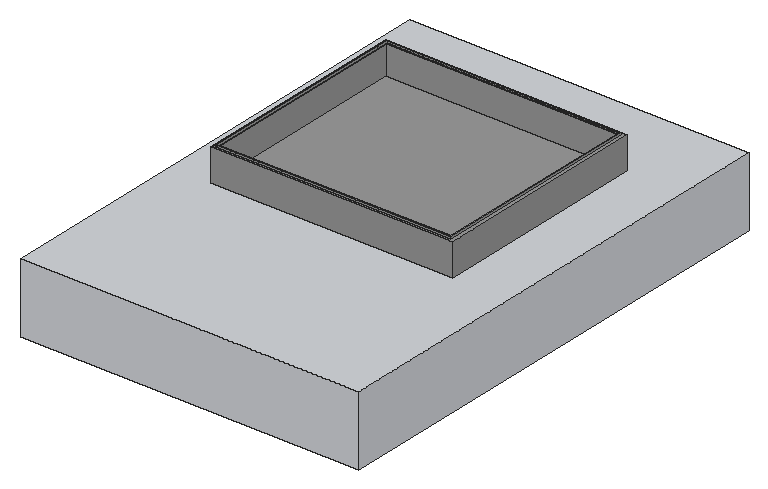
Revit family "Hager-Univers-IP30-D160-QS-Cl.II-FWQ_encl-NL-en", category Equipement électrique, Revit 2020
Family settings
  Hôte = Face
  Configuration du panneau = Deux colonnes, circuits au sein
  Cote de connecteur circulaire = Utiliser le diamètre
  Type d'élément = Tableau de raccordement
  Couper avec des vides une fois chargée = Non
  Partagée = Non
  Point de calcul de pièce = Non
Parameters (values of type "Surface mounted (plaster) IP30 W1050 H950 D160  - FWQ64D1")
  Width Control [instance] = if([EF000008 - Width] > Min Width, [EF000008 - Width], Min Width)  # 1050 mm
  Commentaires du type = [HG000003 - Range]  # "Univers"
  Thickness Door [instance] = if([EF009171 - Material plate thickness door/cover] > 3 mm, 3 mm, [EF009171 - Material plate thickness door/cover])  # 2 mm
  Seal Frame Offset [instance] = 17 mm  # constant formula
  Plinth Visibility [instance] = [HG000027 - Plinth height] > 0 mm  # no
  Model = ""
  Min Width [instance] = 100 mm  # constant formula
  Min Height [instance] = 100 mm  # constant formula
  Min Depth [instance] = (2 * [EF009170 - Material plate thickness cabinet]) + 1 mm  # 5 mm
  Internal Frame Depth [instance] = (Door System Depth * 0.5)  # 9 mm
  Height Control [instance] = if([EF000040 - Height] > Min Height, [EF000040 - Height], Min Height)  # 950 mm
  HG000027 - Plinth height = 0 mm
  HG000026 - Floor standing = no
  HG000024 - Bottom section height = 800 mm
  HG000023 - Double section enclosure = no
  HG000016 - Door 3d visibility [instance] = yes
  HG000015 - Clearance visibility [instance] = no
  HG000014 - Door on the right [instance] = yes
  HG000013 - Door on the left [instance] = not([HG000014 - Door on the right])  # no
  HG000012 - Door swing angle [instance] = 30.00°
  HG000010 - Asymmetric doors = no
  HG000009 - Double swing door = no
  HG000006 - Flush mounted = no
  HG000004 - Manufacturer reference = "FWQ64D1"
  HG000003 - Range = "Univers"
  HG000002 - With door or cover = no
  Frame Offset Bottom [instance] = 10 mm  # constant formula
  Frame Offset [instance] = 15 mm  # constant formula
  EF015940 - Cover with overpressure release = no
  EF011959 - Degree of protection (NEMA) = ""
  EF009554 - Number of openings for flange plates = 8
  EF009212 - Cover model = "EV009916 - With notch"
  EF009171 - Material plate thickness door/cover = 2 mm
  EF009170 - Material plate thickness cabinet = 2 mm
  Fabricant = "Hager"  # constant formula
  EF008873 - Nominal current (In) = 125 A
  EF007800 - Suitable for lightning protection = no
  EF006306 - With lock = no
  EF006244 - Transparent cover/door = no
  EF005474 - Degree of protection (IP) = "EV006410 - IP30"
  EF004464 - Type of door = "EV002646 - Single"
  EF004427 - Number of modules = 288
  EF004293 - Impact strength = ""
  EF003532 - Suitable for outdoor use = no
  EF002950 - Width in number of modular spacings = 48
  EF001613 - Circuit integrity = "EV000494 - None"
  EF001596 - Material housing = "EV000179 - Steel"
  EF001131 - Internal depth = 160 mm
  EF001088 - Extension possible = yes
  EF000437 - Number of conduit inlets = 16
  EF000339 - Type of cover = "EV001012 - Cover"
  EF000266 - Number of rows = 24
  EF000218 - Built-in depth = 0 mm
  EF000118 - With mounting plate = yes
  EF000116 - RAL-number = "9010"
  EF000049 - Depth = 160 mm
  EF000040 - Height = 950 mm
  EF000008 - Width = 1050 mm
  EF000007 - Colour = "EV000202 - White"
  EF000003 - Mounting method = "EV000384 - Surface mounted (plaster)"
  Door System Leaf Tolerance [instance] = 1.5 mm  # constant formula
  Door System Depth [instance] = 18 mm  # constant formula
  Door Height [instance] = Height Control - [HG000027 - Plinth height]  # 950 mm
  Depth Control [instance] = if([EF000049 - Depth] > Min Depth, [EF000049 - Depth], Min Depth)  # 160 mm
  Default Elevation = 0 mm
  Connector Offset [instance] = Height Control / 2  # 475 mm
  Bottom Top Plate Trim [instance] = 1.5 mm  # constant formula
  Plinth height Ctrl [instance] = if([HG000027 - Plinth height] > 0 mm, [HG000027 - Plinth height], 12 mm)  # 12 mm
Reference planes
  plane 1 "Center (Front/Back)": y = 0
  plane 2: z = 0
  plane 3 "Center (Left/Right)": x = 0
  plane 4: z = 160
  plane 5: y = 2
  plane 6: y = 475
  plane 7: y = 0
  plane 8: y = 950
  plane 9: z = 0
  plane 10: x = -510
  plane 11: x = 510
  plane 12: x = 508
  plane 13: x = -508
  plane 14: y = 948
  plane 15: x = -508
  plane 16: x = -525
  plane 17: x = 508
  plane 18: x = 525
  plane 19: x = 523
  plane 20: x = -523
  plane 21: y = 12
  plane 22: y = 950
  plane 23: y = 933
  plane 24: z = 142
  plane 25: z = 2
  plane 26: z = 140
  plane 27: z = 158
Forms (mm)
  Extrusion 1, solid
    sketch origin (0, 0, 0) x (1, 0, 0) y (0, 1, 0)
      loop
        line (-702.964, 1305) -> (-702.964, -811.445) -> (766.763, -811.445) -> (766.763, 1305) -> (-702.964, 1305)
    from 0 to -304.8
  Extrusion 2, solid, material "Hager_Steel_RAL7035_Light_Grey", visible <- "Plinth Visibility", detail levels medium+fine
    sketch origin (0, 0, 0) x (1, 0, 0) y (0, 1, 0)
      loop
        line (-525, 0) -> (525, 0) -> (525, 12) -> (-525, 12) -> (-525, 0)
    from 0 to 142
  Extrusion 3, solid, material "Hager_Steel_RAL7035_Light_Grey", detail levels medium+fine
    sketch origin (0, 0, 0) x (1, 0, 0) y (0, 1, 0)
      loop
        line (-525, 0) -> (525, 0) -> (525, 950) -> (-525, 950) -> (-525, 0)
    from 0 to 142
  Extrusion 4, void
    sketch origin (0, 0, 0) x (1, 0, 0) y (0, 1, 0)
      loop
        line (-523, 2) -> (523, 2) -> (523, 948) -> (-523, 948) -> (-523, 2)
    from 2 to 140
  Extrusion 5, void
    sketch origin (-381.607, -4572, 142) x (0, -1, 0) y (-1, 0, 0)
      loop
        line (-4584, 126.393) -> (-5505, 126.393) -> (-5505, -889.607) -> (-4584, -889.607) -> (-4584, 126.393)
    from 0 to 2 <- "EF009170 - Material plate thickness cabinet"
  Extrusion 6, solid, material "Hager_Steel_RAL7035_Light_Grey", detail levels fine
    sketch origin (0, 0, 142) x (1, 0, 0) y (0, 1, 0)
      loop
        line (-508, 933) -> (-508, 12) -> (508, 12) -> (508, 933) -> (-508, 933)
      loop
        line (-510, 10) -> (510, 10) -> (510, 935) -> (-510, 935) -> (-510, 10)
    from 0 to 9 <- "Internal Frame Depth"
  Extrusion 7, solid, material "Hager_Steel_RAL7035_Light_Grey", detail levels coarse
    sketch origin (0, 0, 0) x (1, 0, 0) y (0, 1, 0)
      loop
        line (-525, 0) -> (525, 0) -> (525, 950) -> (-525, 950) -> (-525, 0)
    from 0 to 160
  Sweep 8, void
    path in 3D
      loop
        line (-525, 12, 0) -> (525, 12, 0) -> (525, 12, 142) -> (-525, 12, 142) -> (-525, 12, 0)
    profile origin (-525, 12, 71) x (-1, 0, 0) y (0, -1, 0)
      loop
        line (0, 0) -> (0, 1.5) -> (-1.5, 1.5)
        arc (-1.5, 1.5) -> (-1.061, 0.439) -> (0, 0) r 1.5
Cuts and joins
  Extrusion 4, Extrusion 5 cuts Extrusion 3
  Sweep 8 cuts Extrusion 2
Lines and regions (mm)
  Masking region 1
    outline origin (0, 0, 0) x (1, 0, 0) y (0, 0, 1)
      loop
        line (-525, 160) -> (-525, 0) -> (525, 0) -> (525, 160) -> (-525, 160)
  Masking region 2, detail levels medium+fine
    outline origin (0, 140, 0) x (0, 1, 0) y (0, 0, 1)
      loop
        line (-140, 0) -> (810, 0) -> (810, 142) -> (-140, 142) -> (-140, 0)
  Masking region 3, not visible, detail levels medium+fine
    outline origin (0, 297.922, 0) x (0, 1, 0) y (0, 0, 1)
      loop
        line (188.578, 0) -> (228.578, 0) -> (228.578, 148)
        arc (228.578, 148) -> (225.649, 155.071) -> (218.578, 158) r 10
        line (218.578, 158) -> (188.578, 158) -> (188.578, 0)
  Masking region 4, detail levels coarse
    outline origin (0, 0, 180) x (0, 1, 0) y (0, 0, 1)
      loop
        line (0, -180) -> (950, -180) -> (950, -20) -> (0, -20) -> (0, -180)
  Masking region 5, visible <- "Plinth Visibility", detail levels medium+fine
    outline origin (0, 52.24, 12.345) x (0, 0, -1) y (0, 1, 0)
      loop
        line (10.845, -40.24) -> (-128.155, -40.24)
        arc (-128.155, -40.24) -> (-128.594, -41.301) -> (-129.655, -41.74) r 1.5
        line (-129.655, -41.74) -> (-129.655, -52.24) -> (12.345, -52.24) -> (12.345, -41.74)
        arc (12.345, -41.74) -> (11.285, -41.301) -> (10.845, -40.24) r 1.5
  Masking region 6, detail levels medium+fine
    outline origin (-381.607, -4572, 142) x (-1, 0, 0) y (0, -1, 0)
      loop
        line (143.393, -5522) -> (143.393, -4572) -> (-906.607, -4572) -> (-906.607, -5522) -> (143.393, -5522)
  Masking region 7, visible <- "Plinth Visibility", detail levels medium+fine
    outline origin (-381.607, -4727, 142) x (-1, 0, 0) y (0, -1, 0)
      loop
        arc (141.893, -4739) -> (142.332, -4737.939) -> (143.393, -4737.5) r 1.5
        line (143.393, -4737.5) -> (143.393, -4727) -> (-906.607, -4727) -> (-906.607, -4737.5)
        arc (-906.607, -4737.5) -> (-905.546, -4737.939) -> (-905.107, -4739) r 1.5
        line (-905.107, -4739) -> (141.893, -4739)
  Masking region 8, detail levels coarse
    outline origin (-442.548, -4669.526, 142) x (-1, 0, 0) y (0, -1, 0)
      loop
        line (82.452, -5619.526) -> (82.452, -4669.526) -> (-967.548, -4669.526) -> (-967.548, -5619.526) -> (82.452, -5619.526)
  sketch lines
    curve 1: line (-525, 12, 142) -> (-525, 12, 0)
    curve 2: line (525, 12, 142) -> (-525, 12, 142)
    curve 3: line (525, 12, 142) -> (525, 12, 0)
    curve 4: line (-525, 12, 0) -> (525, 12, 0)
Dimensions and locks
  "Depth Control": plane 4 to Extrusion 1
  "HG000027 - Plinth height": plane 1 "Center (Front/Back)" to plane 7
  "EF009170 - Material plate thickness cabinet": plane 5 to plane 7
  locked: connector elem to plane 3 "Center (Left/Right)"
  equal spacing: plane 8, plane 6, plane 7
  locked: connector elem to plane 6
  "EF009170 - Material plate thickness cabinet": plane 8 to plane 14
  "EF009170 - Material plate thickness cabinet": plane 10 to plane 13
  "EF009170 - Material plate thickness cabinet": plane 12 to plane 11
  "Frame Offset": plane 20 to plane 13
  "Frame Offset": plane 12 to plane 19
  "EF009170 - Material plate thickness cabinet": plane 16 to plane 20
  "EF009170 - Material plate thickness cabinet": plane 19 to plane 18
  "Seal Frame Offset": plane 16 to plane 15
  "Seal Frame Offset": plane 17 to plane 18
  "Frame Offset Bottom": plane 21 to plane 5
  "Frame Offset": plane 14 to plane 23
  equal spacing: plane 16, plane 3 "Center (Left/Right)", plane 18
  "Width Control": plane 16 to plane 18
  "EF009170 - Material plate thickness cabinet": plane 4 to plane 27
  "EF009170 - Material plate thickness cabinet": plane 24 to plane 26
  "EF009170 - Material plate thickness cabinet": plane 25 to level
  "Door System Depth": plane 4 to plane 24
  "Height Control": plane 1 "Center (Front/Back)" to Extrusion 7 sketch curve
  "Height Control": Masking region 4 sketch curve to plane 1 "Center (Front/Back)"
  "Height Control": plane 1 "Center (Front/Back)" to plane 22
  "Bottom Top Plate Trim": profile plane to Sweep 8 sketch curve
  "Bottom Top Plate Trim": Sweep 8 sketch curve to profile plane
  "Plinth height Ctrl": plane 1 "Center (Front/Back)" to Extrusion 2 sketch curve
  "Plinth height Ctrl": Masking region 5 sketch curve to plane 1 "Center (Front/Back)"
  "Plinth height Ctrl": plane 1 "Center (Front/Back)" to Masking region 7 sketch curve
  "Thickness Door": Extrusion 6 sketch curve to Extrusion 6 sketch curve  (x3)
  "Thickness Door": cut or joined group of Extrusion 3, Extrusion 4, Extrusion 5 to Extrusion 6 sketch curve
  radius of Masking region 3 sketch curve = 10 mm
  "Bottom Top Plate Trim": radius of Masking region 5 sketch curve  (x2)
  "Bottom Top Plate Trim": radius of Sweep 8 sketch curve
  "Bottom Top Plate Trim": radius of Masking region 7 sketch curve  (x2)
  aligned and locked: plane 2 to Extrusion 1
  aligned and locked: level to Extrusion 1
  aligned and locked: level to Masking region 1 sketch curve
  aligned and locked: Masking region 1 sketch curve to plane 18
  aligned and locked: Masking region 1 sketch curve to plane 16
  aligned and locked: plane 7 to Masking region 2 sketch curve
  aligned and locked: level to Masking region 3 sketch curve
  aligned and locked: Masking region 3 sketch curve to plane 27
  aligned and locked: level to Masking region 2 sketch curve
  aligned and locked: plane 1 "Center (Front/Back)" to Extrusion 2 sketch curve
  aligned and locked: Extrusion 3 sketch curve to plane 7
  aligned and locked: plane 16 to Extrusion 3 sketch curve
  aligned and locked: plane 18 to Extrusion 3 sketch curve
  aligned and locked: plane 20 to Extrusion 4 sketch curve
  aligned and locked: plane 19 to Extrusion 4 sketch curve
  aligned and locked: Extrusion 4 sketch curve to plane 5
  aligned and locked: Extrusion 4 to plane 25
  aligned and locked: plane 26 to Extrusion 4
  aligned and locked: plane 24 to Extrusion 3
  aligned and locked: Extrusion 5 sketch curve to plane 21
  aligned and locked: Extrusion 5 sketch curve to plane 13
  aligned and locked: Extrusion 5 sketch curve to plane 12
  aligned and locked: plane 18 to Extrusion 7 sketch curve
  aligned and locked: plane 1 "Center (Front/Back)" to Extrusion 7 sketch curve
  aligned and locked: plane 16 to Extrusion 7 sketch curve
  aligned and locked: plane 4 to Extrusion 7
  aligned and locked: Extrusion 7 to level
  aligned and locked: level to Masking region 4 sketch curve
  aligned and locked: Masking region 4 sketch curve to plane 1 "Center (Front/Back)"
  aligned and locked: Masking region 4 sketch curve to plane 4
  aligned and locked: nested 1 to level
  aligned and locked: nested 1 to plane 16
  aligned and locked: Extrusion 3 sketch curve to plane 8
  aligned and locked: Extrusion 5 sketch curve to plane 23
  aligned and locked: Extrusion 4 sketch curve to plane 14
  aligned and locked: Masking region 2 sketch curve to plane 8
  aligned and locked: level to Masking region 5 sketch curve
  aligned and locked: plane 16 to Extrusion 2 sketch curve
  aligned and locked: plane 18 to Extrusion 2 sketch curve
  aligned and locked: Masking region 5 sketch curve to plane 24
  aligned and locked: Masking region 2 sketch curve to plane 24
  aligned and locked: plane 24 to Extrusion 2
  aligned and locked: profile plane to Sweep 8 sketch curve  (x2)
  aligned and locked: Masking region 6 sketch curve to plane 18
  aligned and locked: Masking region 6 sketch curve to plane 22
  aligned and locked: Masking region 6 sketch curve to plane 16
  aligned and locked: plane 8 to plane 22
  aligned and locked: Masking region 6 sketch curve to plane 7
  aligned and locked: Masking region 7 sketch curve to plane 16
  aligned and locked: Masking region 7 sketch curve to plane 1 "Center (Front/Back)"
  aligned and locked: Masking region 7 sketch curve to plane 18
  aligned and locked: Masking region 8 sketch curve to plane 1 "Center (Front/Back)"
  aligned and locked: Masking region 8 sketch curve to plane 18
  aligned and locked: Masking region 8 sketch curve to plane 22
  aligned and locked: Masking region 8 sketch curve to plane 16
  aligned and locked: nested 2 to plane 7
  aligned and locked: plane 3 "Center (Left/Right)" to nested 2
  aligned and locked: nested 2 to plane 24
  aligned and locked: Extrusion 6 sketch curve to cut or joined group of Extrusion 3, Extrusion 4, Extrusion 5  (x4)
Automatic sketch dimensions
  Extrusion 1 sketch curve to Extrusion 1 sketch curve = 1469.727 mm
  Extrusion 1 sketch curve to Extrusion 1 sketch curve = 2116.445 mm
  Masking region 1 sketch curve to plane 4 = 0 mm
  plane 6 to Masking region 3 sketch curve = 11.5 mm
  Masking region 3 sketch curve to Masking region 3 sketch curve = 30 mm
  Masking region 5 sketch curve to plane 1 "Center (Front/Back)" = 0 mm
Nested families
  nested 1: "Hager_Enclosure_Symbol" at (-525, 0, 0) x (1, 0, 0) z (0, -1, 0), Height <- "Depth Control", Width <- "Width Control", type "Hager_Enclosure_Symbol"
    with Width_Ctrl 1050 mm, Width 1050 mm, Height_Ctrl 160 mm, Height 160 mm, A_Width_Int 10.5 mm, A_Width 126 mm, A_Height_Ctrl 140 mm, A_Height 140 mm
  nested 2: "EC000058_Univers_Door" at (0, 0, 142) x (1, 0, 0) z (0, 1, 0), Leaf_Tolerance <- "Door System Leaf Tolerance", Angle <- "HG000012 - Door swing angle", Door_Depth <- "Door System Depth", Door_Left <- "HG000013 - Door on the left", Transparent <- "EF006244 - Transparent cover/door", Assymetrical <- "HG000010 - Asymmetric doors", Width <- "Width Control", Clearance <- "HG000015 - Clearance visibility", Double <- "HG000009 - Double swing door", 3d_Door <- "HG000016 - Door 3d visibility", Lock_Visibility <- "EF006306 - With lock", Width_Ctrl <- "Width Control", Door_Right <- "HG000014 - Door on the right", Door <- "HG000002 - With door or cover", Height <- "Door Height", Thickness <- "Thickness Door", type "EC000058_Univers_Door", detail levels medium+fine
    with min_wh 5 mm, Width_Ctrl 1050 mm, Width 1050 mm, Transparent no, Thickness 2 mm, Seal_Material Hager_Rubber, Lock_Visibility no, Lock_Material Hager_Plastic_RAL9005_Jet_Black, Leaf_Width 1050 mm, Leaf_Tolerance_External_Sides 0 mm, Leaf_Tolerance 1.5 mm, Leaf_Offset 0 mm, Leaf_Height 947 mm, Leaf_2_Width 1050 mm, Leaf_2_Offset 525 mm, Leaf_1_Width 1050 mm, Leaf_1_Offset 525 mm, Height_Ctrl 950 mm, Height 950 mm, Glass_Material Hager_Glass, Double_Clearance_Ctrl no, Double no, Door_Right_Ctrl no, Door_Right yes, Door_Material Hager_Steel_RAL7035_Light_Grey, Door_Left_Ctrl no, Door_Left no, Door_Depth 18 mm, Door no, Clearance_Material Hager_Clearance, Clearance_Depth 1050 mm, Clearance_Ctrl no, Clearance no, Assymetrical no, Angle 30.00°, 3d_Door yes
Connectors
  electrical at (0, 475, 0)
    settings: on plane 9, index 1, voltage 0 V, apparent load 0 VA, apparent load phase1 0 VA, apparent load phase2 0 VA, apparent load phase3 0 VA, power factor 1, load classification "Other", number of poles 1, system type 30, power factor state 1, is connector primary yes, connector utility no, sub classification motor no, connector description ""
Definition of nested family "Hager_Enclosure_Symbol"
  Parameters (values of type "Hager_Enclosure_Symbol")
    Width_Ctrl [instance] = if(Width > 1 mm, Width, 1 mm)  # 102.27 mm
    Width [instance] = 102.27 mm
    Height_Ctrl [instance] = if(Height > 1 mm, Height, 1 mm)  # 66.5 mm
    A_Width_Int [instance] = if(A_Width / 12 > 2 mm, A_Width / 12, 2 mm)  # 4.364 mm
    A_Width [instance] = if(A_Height_Ctrl * 0.9 > 2 mm, A_Height_Ctrl * 0.9, 2 mm)  # 52.369 mm
    A_Height_Ctrl [instance] = if(A_Height > 2 mm, A_Height, 2 mm)  # 58.188 mm
    Height [instance] = 66.5 mm
    A_Height [instance] = Height - (Height / 8)  # 58.188 mm
  Reference planes
    plane 1 "Centre (avant/arrière)": y = 0
    plane 2: z = 0
    plane 3 "Centre (gauche/droite)": x = 0
    plane 4: x = 52.369
    plane 5: y = 33.042
    plane 6: y = 41.77
    plane 7: y = 66.5
    plane 8: x = 26.184
    plane 9: y = 37.406
    plane 10: x = 102.27
    plane 11: y = 66.5
    plane 12: y = 8.313
  Lines and regions (mm)
    Filled region 1, type "Solid_Black", in view "Niveau de réf."
      outline origin (0, 0, 0) x (1, 0, 0) y (0, 1, 0)
        loop
          line (52.369, 66.5) -> (33.188, 54.536) -> (45.365, 45.006) -> (52.369, 66.5)
    Filled region 2, type "Solid_Black", in view "Niveau de réf."
      outline origin (0, 0, 0) x (1, 0, 0) y (0, 1, 0)
        loop
          line (0, 0) -> (102.27, 0) -> (102.27, 66.5) -> (0, 0)
    detail lines, in view "Niveau de réf."
      curve 1: line (0, 8.313, 0) -> (26.184, 41.77, 0)
      curve 2: line (26.184, 41.77, 0) -> (26.184, 33.042, 0)
      curve 3: line (26.184, 33.042, 0) -> (52.369, 66.5, 0)
  Dimensions and locks
    "A_Width": plane 3 "Centre (gauche/droite)" to plane 4
    equal spacing: plane 3 "Centre (gauche/droite)", plane 8, plane 4
    equal spacing: plane 6, plane 9, plane 5
    equal spacing: curve 3, Filled region 1 sketch curve, Filled region 1 sketch curve
    "Height_Ctrl": plane 1 "Centre (avant/arrière)" to plane 11
    "A_Height_Ctrl": plane 11 to plane 12
    equal spacing: plane 11, plane 9, plane 12
    "A_Width_Int": plane 6 to plane 9
    "Width_Ctrl": plane 3 "Centre (gauche/droite)" to plane 10
    angle Filled region 1 sketch curve to curve 3 = 20.00°
    angle curve 3 to Filled region 1 sketch curve = 20.00°
    locked: curve 3 to Filled region 1 sketch curve (angle 90.00°)
    aligned and locked: plane 10 to Filled region 2
    aligned and locked: plane 11 to Filled region 2 sketch curve
    aligned and locked: plane 10 to Filled region 2 sketch curve
    aligned and locked: plane 3 "Centre (gauche/droite)" to curve 1
    aligned and locked: plane 12 to curve 1
    aligned and locked: plane 7 to plane 11
  Automatic sketch dimensions
    Filled region 1 sketch curve to plane 4 = 0 mm
    Filled region 1 sketch curve to plane 7 = 0 mm
    plane 1 "Centre (avant/arrière)" to Filled region 2 sketch curve = 0 mm
    Filled region 2 sketch curve to plane 3 "Centre (gauche/droite)" = 0 mm
    curve 2 to plane 6 = 0 mm
    curve 2 to plane 8 = 0 mm
    curve 3 to plane 4 = 0 mm
    curve 2 to plane 5 = 0 mm
    curve 3 to plane 7 = 0 mm
Definition of nested family "EC000058_Univers_Door"
  Parameters (values of type "EC000058_Univers_Door")
    min_wh [instance] = (2 * Thickness) + 1 mm  # 11 mm
    Width_Ctrl [instance] = 400 mm
    Width [instance] = 500 mm
    Transparent [instance] = yes
    Thickness [instance] = 5 mm
    Seal_Material [instance] = none
    Lock_Visibility [instance] = yes
    Lock_Material [instance] = none
    Leaf_Width [instance] = if((Width_Ctrl - 2 * Leaf_Tolerance_External_Sides) > 0 mm, (Width_Ctrl - 2 * Leaf_Tolerance_External_Sides), min_wh)  # 400 mm
    Leaf_Tolerance_External_Sides [instance] = 0 mm  # constant formula
    Leaf_Tolerance [instance] = 1.5 mm
    Leaf_Offset [instance] = 0 mm  # constant formula
    Leaf_Height [instance] = if((Height_Ctrl - 2 * Leaf_Tolerance) > 0 mm, (Height_Ctrl - 2 * Leaf_Tolerance), min_wh)  # 497 mm
    Leaf_2_Width [instance] = if(and(and(Double, Assymetrical), Door_Left), (Leaf_Width / 3) - (Leaf_Tolerance / 2), if(and(and(Double, Assymetrical), Door_Right), (Leaf_Width / 3) * 2 - (Leaf_Tolerance / 2), if(and(Double, not(Assymetrical)), (Leaf_Width / 2) - Leaf_Tolerance, Leaf_Width)))  # 400 mm
    Leaf_2_Offset [instance] = if(and(Double, Assymetrical), Leaf_2_Width / 2, if(and(Double, not(Assymetrical)), Leaf_Width / 4, Leaf_Width / 2))  # 200 mm
    Leaf_1_Width [instance] = if(and(and(Double, Assymetrical), Door_Right), (Leaf_Width / 3) - (Leaf_Tolerance / 2), if(and(and(Double, Assymetrical), Door_Left), (Width / 3) * 2 - (Leaf_Tolerance / 2), if(and(Double, not(Assymetrical)), (Leaf_Width / 2) - Leaf_Tolerance, Leaf_Width)))  # 400 mm
    Leaf_1_Offset [instance] = if(and(Double, Assymetrical), Leaf_1_Width / 2, if(and(Double, not(Assymetrical)), Leaf_Width / 4, Leaf_Width / 2))  # 200 mm
    Height_Ctrl [instance] = if(Height > min_wh, Height, min_wh)  # 500 mm
    Height [instance] = 500 mm
    Glass_Material [instance] = none
    Double_Clearance_Ctrl [instance] = and(Double, Clearance)  # no
    Double [instance] = no
    Door_Right_Ctrl [instance] = and(or(Door_Right, Double), Door)  # yes
    Door_Right [instance] = yes
    Door_Material [instance] = none
    Door_Left_Ctrl [instance] = and(or(Door_Left, Double), Door)  # no
    Door_Left [instance] = no
    Door_Depth [instance] = 30 mm
    Door [instance] = yes
    Default Elevation = 1219.2 mm
    Clearance_Material [instance] = none
    Clearance_Depth [instance] = if(Leaf_1_Width > Leaf_2_Width, Leaf_1_Width, Leaf_2_Width)  # 400 mm
    Clearance_Ctrl [instance] = and(not(Double), Clearance)  # yes
    Clearance [instance] = yes
    Assymetrical [instance] = yes
    Angle [instance] = 30.00°
    3d_Door [instance] = yes
  Reference planes
    plane 1 "Center (Front/Back)": y = 0
    plane 2 "Bottom": z = 0
    plane 3 "Center (Left/Right)": x = 0
    plane 4: z = 500
    plane 5: x = -200
    plane 6: x = 200
    plane 7: z = 500
    plane 8: x = -200
    plane 9: z = 0
    plane 10: x = 200
    plane 11: y = 0
    plane 12: z = 1.5
    plane 13: x = -600
    plane 14: y = -400
    plane 15: x = 600
    plane 16: x = 0
    plane 17: x = 0
    plane 18: x = -200
    plane 19: x = 200
    plane 20: z = 498.5
  Forms (mm)
    Extrusion 1, solid, material <- "Clearance_Material", visible <- "Double_Clearance_Ctrl"
      sketch origin (1200, 0, 0) x (1, 0, 0) y (0, 0, -1)
        loop
          line (-1800, -498.5) -> (-600, -498.5) -> (-600, 0) -> (-1800, 0) -> (-1800, -498.5)
      from 0 to -400
  Dimensions and locks
    equal spacing: plane 5, plane 3 "Center (Left/Right)", plane 6
    "Width_Ctrl": plane 5 to plane 6
    "Leaf_Offset": plane 5 to plane 8
    "Leaf_Offset": plane 6 to plane 10
    "Leaf_Offset": plane 9 to level
    "Leaf_Offset": plane 4 to plane 7
    "Height_Ctrl": plane 4 to level
    "Leaf_Tolerance": plane 12 to plane 9
    locked: plane 11 to plane 1 "Center (Front/Back)"
    "Leaf_1_Offset": plane 18 to plane 16
    "Leaf_2_Offset": plane 17 to plane 19
    "Leaf_1_Width": plane 13 to plane 8
    "Leaf_2_Width": plane 10 to plane 15
    "Clearance_Depth": plane 14 to plane 1 "Center (Front/Back)"
    "Leaf_Tolerance_External_Sides": plane 8 to plane 18
    "Leaf_Tolerance_External_Sides": plane 19 to plane 10
    "Leaf_Tolerance": plane 7 to plane 20
    aligned and locked: level to plane 2 "Bottom"
    aligned and locked: nested 1 to plane 16
    aligned and locked: nested 2 to plane 17
    aligned and locked: Extrusion 1 to plane 13
    aligned and locked: plane 15 to Extrusion 1
    aligned and locked: Extrusion 1 to plane 14
    aligned and locked: plane 12 to nested 1
    aligned and locked: nested 2 to plane 12
    aligned and locked: Extrusion 1 to plane 11
    aligned and locked: plane 20 to Extrusion 1
    aligned and locked: nested 2 to plane 11
    aligned and locked: nested 1 to plane 11
  Automatic sketch dimensions
    Extrusion 1 sketch curve to level = 0 mm
    plane 5 to Extrusion 1 sketch curve = 400 mm
    plane 6 to Extrusion 1 sketch curve = 400 mm
    Extrusion 1 sketch curve to plane 4 = 1.5 mm
  Nested families
    nested 1: "EC000058_Univers_Door_Leaf" at (0, 0, 1.5), Width <- "Leaf_1_Width", visible <- "Door_Left_Ctrl", Leaf_Height <- "Leaf_Height", Angle <- "Angle", 3d_Door <- "3d_Door", Transparent <- "Transparent", Clearance Material <- "Clearance_Material", Clearance <- "Clearance_Ctrl", Door_Material <- "Door_Material", Glass_Material <- "Glass_Material", Door_Depth <- "Door_Depth", Lock_Material <- "Lock_Material", Seal_Material <- "Seal_Material", Lock_Visibility <- "Lock_Visibility", Thickness <- "Thickness", type "EC000058_Univers_Door_Leaf"
      with Width 400 mm, Transparent_Glass_Offset 30 mm, Transparent_Ctrl yes, Transparent yes, Thickness 5 mm, Standard no, Seal_Material none, Seal_D2 8 mm, Seal_D1 1 mm, Offset_Internal_Frame 10 mm, Lock_Width 20 mm, Lock_Visibility_3d yes, Lock_Visibility yes, Lock_Thickness_3 3 mm, Lock_Thickness_2 1 mm, Lock_Thickness_1 3 mm, Lock_Radius_Offset_2 16 mm, Lock_Radius_Offset_1 15 mm, Lock_Radius_2 5 mm, Lock_Radius 6 mm, Lock_Offset 5 mm, Lock_Material none, Lock_Height 80 mm, Lock_Cover_Top_Offset_2d 17 mm, Lock_Cover_Height -65 mm, Leaf_Height 497 mm, Internal_Seal_Thickness 8 mm, Internal_Seal_Depth_2 4.5 mm, Internal_Frame_Depth 25 mm, Glass_Thickness -1 mm, Glass_Offset -2 mm, Glass_Material none, Door_Material none, Door_Depth 30 mm, Clearance Material none, Clearance yes, Angle_Ctrl 30.00°, Angle 30.00°, 3d_Door yes
    nested 2: "EC000058_Univers_Door_Leaf" at (0, 0, 1.5) x (-1, 0, 0) z (0, 0, 1), Width <- "Leaf_2_Width", visible <- "Door_Right_Ctrl", Leaf_Height <- "Leaf_Height", Angle <- "Angle", 3d_Door <- "3d_Door", Transparent <- "Transparent", Clearance Material <- "Clearance_Material", Clearance <- "Clearance_Ctrl", Door_Material <- "Door_Material", Glass_Material <- "Glass_Material", Door_Depth <- "Door_Depth", Lock_Material <- "Lock_Material", Seal_Material <- "Seal_Material", Lock_Visibility <- "Lock_Visibility", Thickness <- "Thickness", type "EC000058_Univers_Door_Leaf"
      with Width 400 mm, Transparent_Glass_Offset 30 mm, Transparent_Ctrl yes, Transparent yes, Thickness 5 mm, Standard no, Seal_Material none, Seal_D2 8 mm, Seal_D1 1 mm, Offset_Internal_Frame 10 mm, Lock_Width 20 mm, Lock_Visibility_3d yes, Lock_Visibility yes, Lock_Thickness_3 3 mm, Lock_Thickness_2 1 mm, Lock_Thickness_1 3 mm, Lock_Radius_Offset_2 16 mm, Lock_Radius_Offset_1 15 mm, Lock_Radius_2 5 mm, Lock_Radius 6 mm, Lock_Offset 5 mm, Lock_Material none, Lock_Height 80 mm, Lock_Cover_Top_Offset_2d 17 mm, Lock_Cover_Height -65 mm, Leaf_Height 497 mm, Internal_Seal_Thickness 8 mm, Internal_Seal_Depth_2 4.5 mm, Internal_Frame_Depth 25 mm, Glass_Thickness -1 mm, Glass_Offset -2 mm, Glass_Material none, Door_Material none, Door_Depth 30 mm, Clearance Material none, Clearance yes, Angle_Ctrl 30.00°, Angle 30.00°, 3d_Door yes
  Definition of nested family "EC000058_Univers_Door_Leaf"
    Parameters (values of type "EC000058_Univers_Door_Leaf")
      Width [instance] = 2000 mm
      Transparent_Glass_Offset [instance] = 30 mm
      Transparent_Ctrl [instance] = and(Transparent, [3d_Door])  # yes
      Transparent [instance] = yes
      Thickness [instance] = 5 mm
      Standard [instance] = and(not(Transparent), [3d_Door])  # no
      Seal_Material [instance] = none
      Seal_D2 [instance] = 8 mm  # constant formula
      Seal_D1 [instance] = 1 mm  # constant formula
      Offset_Internal_Frame [instance] = 10 mm  # constant formula
      Lock_Width [instance] = 20 mm  # constant formula
      Lock_Visibility_3d [instance] = and(Lock_Visibility, [3d_Door])  # yes
      Lock_Visibility [instance] = yes
      Lock_Thickness_3 [instance] = 3 mm  # constant formula
      Lock_Thickness_2 [instance] = 1 mm  # constant formula
      Lock_Thickness_1 [instance] = 3 mm  # constant formula
      Lock_Radius_Offset_2 [instance] = Lock_Radius_Offset_1 + 1 mm  # 16 mm
      Lock_Radius_Offset_1 [instance] = 15 mm  # constant formula
      Lock_Radius_2 [instance] = Lock_Radius - 1 mm  # 5 mm
      Lock_Radius [instance] = 6 mm  # constant formula
      Lock_Offset [instance] = 5 mm  # constant formula
      Lock_Material [instance] = none
      Lock_Height [instance] = 80 mm  # constant formula
      Lock_Cover_Top_Offset_2d [instance] = Lock_Radius_Offset_2 + 1 mm  # 17 mm
      Lock_Cover_Height [instance] = -(Lock_Height - Lock_Radius_Offset_1)  # -65 mm
      Leaf_Height [instance] = 2720.336 mm
      Internal_Seal_Thickness [instance] = 8 mm  # constant formula
      Internal_Seal_Depth_2 [instance] = 4.5 mm  # constant formula
      Internal_Frame_Depth [instance] = if(Door_Depth - Thickness > 5 mm, Door_Depth - Thickness, 5 mm)  # 25 mm
      Glass_Thickness [instance] = if(Thickness > 15 mm, Glass_Offset + 10 mm, -1 mm)  # -1 mm
      Glass_Offset [instance] = if(Thickness > 15 mm, -(Thickness + 10 mm) / 2, -2 mm)  # -2 mm
      Glass_Material [instance] = none
      Door_Material [instance] = none
      Door_Depth [instance] = 30 mm
      Default Elevation = 0 mm
      Clearance Material [instance] = none
      Clearance [instance] = yes
      Angle_Ctrl [instance] = if(Angle > 180.00°, 180.00°, Angle)  # 90.00°
      Angle [instance] = 90.00°
      3d_Door [instance] = yes
    Reference planes
      plane 1 "Center (Front/Back)": y = 0
      plane 2: z = 0
      plane 3 "Center (Left/Right)": x = 0
      plane 4: y = 2000
      plane 5: x = -1000
      plane 6: x = 1000
      plane 7: x = -3000
      plane 8: z = 2720.336
      plane 9: z = 30
      plane 10: z = 2690.336
      plane 11: x = 970
      plane 12: x = -970
      plane 13: y = -3
      plane 14: z = 107.833
      plane 15: y = -5
      plane 16: y = -223.314
      plane 17: x = -1000
      plane 18: z = 1360.168
      plane 19: y = 30
    Forms (mm)
      Extrusion 1, solid, material <- "Clearance Material", visible <- "Clearance"
        sketch origin (0, 0, 0) x (1, 0, 0) y (0, 0, 1)
          loop
            line (-3000, 2720.336) -> (-3000, 0) -> (1000, 0) -> (1000, 2720.336) -> (-3000, 2720.336)
        from 0 to -2000
      Extrusion 2, solid, material <- "Door_Material", visible <- "Standard", detail levels medium+fine
        sketch origin (-1000, 0, 0) x (0, 1, 0) y (-1, 0, 0)
          loop
            line (0, 30) -> (0, 25) -> (2000, 25) -> (2000, 30) -> (0, 30)
        from 0 to 2720.336 <- "Leaf_Height"
      Extrusion 3, solid, material <- "Door_Material", visible <- "Transparent_Ctrl", detail levels medium+fine
        sketch origin (-1000, 0, 0) x (0, 1, 0) y (-1, 0, 0)
          loop
            line (0, 25) -> (2000, 25) -> (2000, 30) -> (0, 30) -> (0, 25)
        from 0 to 2720.336 <- "Leaf_Height"
      Extrusion 4, void
        sketch origin (-1025, 2000, 0) x (0, 1, 0) y (0, 0, -1)
          loop
            line (-30, -2690.336) -> (-30, -30) -> (-1970, -30) -> (-1970, -2690.336) -> (-30, -2690.336)
        from 0 to 5 <- "Thickness"
      Sweep 5, solid, material <- "Seal_Material", visible <- "Transparent_Ctrl", detail levels fine
        path in 3D
          loop
            line (-1025, 30, 30) -> (-1025, 30, 2690.336) -> (-1025, 1970, 2690.336) -> (-1025, 1970, 30) -> (-1025, 30, 30)
        profile origin (-1025, 1000, 30) x (1, 0, 0) y (0, 0, 1)
          loop
            line (0, 0) -> (0, -8) -> (1, -8) -> (1, 0) -> (0, 0)
      Extrusion 6, solid, material <- "Glass_Material", visible <- "Transparent_Ctrl", detail levels medium+fine
        sketch origin (-1030, 0, 0) x (0, 1, 0) y (0, 0, -1)
          loop
            line (1970, -2690.336) -> (1970, -30) -> (30, -30) -> (30, -2690.336) -> (1970, -2690.336)
        from -2 <- "Glass_Offset" to -1 <- "Glass_Thickness"
      Extrusion 7, solid, material <- "Door_Material", visible <- "3d_Door", detail levels medium+fine
        sketch origin (-1025, 2000, 0) x (0, -1, 0) y (0, 0, -1)
          loop
            line (0, -2720.336) -> (2000, -2720.336) -> (2000, 0) -> (0, 0) -> (0, -2720.336)
          loop
            line (1995, -5) -> (5, -5) -> (5, -2715.336) -> (1995, -2715.336) -> (1995, -5)
        from 0 to 25 <- "Internal_Frame_Depth"
      Sweep 8, solid, material <- "Seal_Material", visible <- "Transparent_Ctrl", detail levels fine
        path in 3D
          loop
            line (-1025, 0, 0) -> (-1025, 2000, 0) -> (-1025, 2000, 2720.336) -> (-1025, 0, 2720.336) -> (-1025, 0, 0)
        profile origin (-1025, 0, 1360.168) x (1, 0, 0) y (0, 1, 0)
          loop
            line (0, 10) -> (2.975, 10)
            arc (2.975, 10) -> (4.053, 10.447) -> (4.5, 11.525) r 1.525
            line (4.5, 11.525) -> (4.5, 16.527)
            arc (4.5, 16.527) -> (4.069, 17.569) -> (3.027, 18) r 1.473
            line (3.027, 18) -> (0, 18) -> (0, 10)
      Extrusion 9, solid, material <- "Lock_Material", visible <- "Lock_Visibility_3d", detail levels fine
        sketch origin (-1030, 0, 0) x (0, 1, 0) y (0, 0, -1)
          loop
            arc (1993.5, -1400.168) -> (1994.561, -1399.729) -> (1995, -1398.668) r 1.5
            line (1995, -1398.668) -> (1995, -1320.168) -> (1975, -1320.168) -> (1975, -1398.668)
            arc (1975, -1398.668) -> (1975.439, -1399.729) -> (1976.5, -1400.168) r 1.5
            line (1976.5, -1400.168) -> (1993.5, -1400.168)
        from 3 <- "Lock_Thickness_1" to 0
      Blend 10, solid, material <- "Lock_Material", visible <- "Lock_Visibility_3d", detail levels fine
        base sketch origin (-1033, 0, 0) x (0, 1, 0) y (0, 0, -1)
          loop
            line (1975, -1320.168) -> (1975, -1398.668)
            arc (1975, -1398.668) -> (1975.439, -1399.729) -> (1976.5, -1400.168) r 1.5
            line (1976.5, -1400.168) -> (1993.5, -1400.168)
            arc (1993.5, -1400.168) -> (1994.561, -1399.729) -> (1995, -1398.668) r 1.5
            line (1995, -1398.668) -> (1995, -1320.168) -> (1975, -1320.168)
        top sketch origin (-1033, 0, 0) x (0, 1, 0) y (0, 0, -1)
          loop
            line (1976, -1320.168) -> (1976, -1398.668)
            arc (1976, -1398.668) -> (1976.146, -1399.022) -> (1976.5, -1399.168) r 0.5
            line (1976.5, -1399.168) -> (1993.5, -1399.168)
            arc (1993.5, -1399.168) -> (1993.854, -1399.022) -> (1994, -1398.668) r 0.5
            line (1994, -1398.668) -> (1994, -1320.168) -> (1976, -1320.168)
        from 0 to 1 <- "Lock_Thickness_2"
      Blend 11, solid, material <- "Lock_Material", visible <- "Lock_Visibility_3d", detail levels fine
        base sketch origin (-1034, 0, 0) x (0, 1, 0) y (0, 0, -1)
          loop
            line (1978, -1320.168) -> (1978, -1384.168)
            arc (1978, -1384.168) -> (1985, -1391.168) -> (1992, -1384.168) r 7
            line (1992, -1384.168) -> (1992, -1320.168) -> (1978, -1320.168)
        top sketch origin (-1034, 0, 0) x (0, 1, 0) y (0, 0, -1)
          loop
            line (1991, -1320.168) -> (1979, -1320.168) -> (1979, -1383.168)
            arc (1979, -1383.168) -> (1985, -1389.168) -> (1991, -1383.168) r 6
            line (1991, -1383.168) -> (1991, -1320.168)
        from 0 to 3 <- "Lock_Thickness_3"
      Extrusion 12, solid, material <- "Lock_Material", visible <- "Lock_Visibility_3d", detail levels fine
        sketch origin (-1030, 1975, 1320.168) x (1, 0, 0) y (0, -1, 0)
          loop
            line (-7, -19) -> (-7, -1) -> (0, -1) -> (0, 0) -> (-8, 0) -> (-8, -20) -> (0, -20) -> (0, -19) -> (-7, -19)
        from 0 to -65 <- "Lock_Cover_Height"
      Extrusion 13, void
        sketch origin (-1038, 1995, 1320.168) x (-1, 0, 0) y (0, 0, -1)
          loop
            line (-5, -65) -> (0, -65) -> (-5, -60) -> (-5, -65)
        from 0 to 20 <- "Lock_Width"
      Extrusion 14, void
        sketch origin (-1038, 1975, 1320.168) x (0, -1, 0) y (0, 0, -1)
          loop
            circle (-10, -15.995) r 6
          loop
            circle (-10, -15.995) r 5
        from 0 to 2
      Extrusion 15, solid, material <- "Lock_Material", visible <- "Lock_Visibility_3d", detail levels medium
        sketch origin (-1030, 0, 0) x (0, 1, 0) y (0, 0, -1)
          loop
            arc (1993.5, -1400.168) -> (1994.561, -1399.729) -> (1995, -1398.668) r 1.5
            line (1995, -1398.668) -> (1995, -1320.168) -> (1975, -1320.168) -> (1975, -1398.668)
            arc (1975, -1398.668) -> (1975.439, -1399.729) -> (1976.5, -1400.168) r 1.5
            line (1976.5, -1400.168) -> (1993.5, -1400.168)
        from 8 to 0
    Cuts and joins
      Extrusion 4 cuts Extrusion 3
      Extrusion 13, Extrusion 14 cuts Extrusion 9
      Extrusion 14 cuts Blend 11
      Extrusion 13, Extrusion 14 cuts Extrusion 12
      joined: Extrusion 9, Blend 10, Blend 11, Extrusion 12
      Extrusion 14 cuts Extrusion 15
    Lines and regions (mm)
      Masking region 1, visible <- "Lock_Visibility", detail levels fine
        outline origin (0, 0, 0) x (0, 1, 0) y (0, 0, 1)
          loop
            line (30, 1320.168) -> (33, 1320.168) -> (33, 1400.168) -> (30, 1400.168) -> (30, 1320.168)
      Masking region 2, visible <- "Lock_Visibility", detail levels fine
        outline origin (0, 3.143, 0) x (0, 1, 0) y (0, 0, 1)
          loop
            line (29.857, 1354.168) -> (30.857, 1354.168) -> (30.857, 1366.168) -> (29.857, 1366.168) -> (29.857, 1354.168)
      Masking region 3, detail levels medium+fine
        outline origin (0, 0, 0) x (0, 1, 0) y (0, 0, 1)
          loop
            line (0, 0) -> (30, 0) -> (30, 2720.336) -> (0, 2720.336) -> (0, 0)
      Masking region 4, detail levels medium+fine
        outline origin (0, 0, 0) x (1, 0, 0) y (0, 0, 1)
          loop
            line (-1000, 2720.336) -> (-1000, 0) -> (1000, 0) -> (1000, 2720.336) -> (-1000, 2720.336)
      Masking region 5, visible <- "Lock_Visibility", detail levels fine
        outline origin (-47.116, 0, 0) x (1, 0, 0) y (0, 0, 1)
          loop
            arc (1024.616, 1399.168) -> (1023.556, 1398.729) -> (1023.116, 1397.668) r 1.5
            line (1023.116, 1397.668) -> (1023.116, 1320.168) -> (1041.116, 1320.168) -> (1041.116, 1397.668)
            arc (1041.116, 1397.668) -> (1040.677, 1398.729) -> (1039.616, 1399.168) r 1.5
            line (1039.616, 1399.168) -> (1024.616, 1399.168)
      Masking region 6, visible <- "Lock_Visibility", detail levels medium+fine
        outline origin (-25, 0, 0) x (1, 0, 0) y (0, 0, 1)
          loop
            arc (1001.5, 1400.168) -> (1000.439, 1399.729) -> (1000, 1398.668) r 1.5
            line (1000, 1398.668) -> (1000, 1320.168) -> (1020, 1320.168) -> (1020, 1398.668)
            arc (1020, 1398.668) -> (1019.561, 1399.729) -> (1018.5, 1400.168) r 1.5
            line (1018.5, 1400.168) -> (1001.5, 1400.168)
      Masking region 7, visible <- "Lock_Visibility", detail levels fine
        outline origin (-73.735, 0, 0) x (1, 0, 0) y (0, 0, 1)
          loop
            line (1051.735, 1382.168) -> (1065.735, 1382.168) -> (1065.735, 1384.168)
            arc (1065.735, 1384.168) -> (1058.735, 1391.168) -> (1051.735, 1384.168) r 7
            line (1051.735, 1384.168) -> (1051.735, 1382.168)
      Masking region 8, visible <- "Lock_Visibility", detail levels fine
        outline origin (-73.735, 0, 0) x (1, 0, 0) y (0, 0, 1)
          loop
            line (1052.735, 1382.168) -> (1064.735, 1382.168) -> (1064.735, 1383.168)
            arc (1064.735, 1383.168) -> (1058.735, 1389.168) -> (1052.735, 1383.168) r 6
            line (1052.735, 1383.168) -> (1052.735, 1382.168)
      Masking region 9, visible <- "Lock_Visibility", detail levels fine
        outline origin (-25, 0, 0) x (1, 0, 0) y (0, 0, 1)
          loop
            line (1020, 1320.168) -> (1020, 1382.168) -> (1000, 1382.168) -> (1000, 1320.168) -> (1020, 1320.168)
      Masking region 10, detail levels medium+fine
        outline origin (0, 0, 0) x (1, 0, 0) y (0, 0, 1)
          loop
            circle (985, 1335.144) r 6
      Masking region 11, detail levels fine
        outline origin (0, 0, 0) x (1, 0, 0) y (0, 0, 1)
          loop
            circle (985, 1335.144) r 5
      Masking region 12, visible <- "Lock_Visibility", detail levels fine
        outline origin (0, 12.767, 0) x (0, 1, 0) y (0, 0, 1)
          loop
            line (20.233, 1320.168) -> (21.233, 1320.168) -> (21.233, 1399.168) -> (20.233, 1400.168) -> (20.233, 1320.168)
      Masking region 13, visible <- "Lock_Visibility", detail levels fine
        outline origin (0, 13.767, -10) x (0, 1, 0) y (0, 0, 1)
          loop
            line (20.233, 1330.168) -> (23.233, 1330.168) -> (23.233, 1399.168) -> (20.233, 1402.168) -> (20.233, 1330.168)
      Masking region 14, visible <- "Lock_Visibility", detail levels fine
        outline origin (0, 12.767, -10) x (0, 1, 0) y (0, 0, 1)
          loop
            line (20.233, 1330.168) -> (25.233, 1330.168) -> (25.233, 1399.305) -> (20.233, 1394.305) -> (20.233, 1330.168)
      Masking region 15, visible <- "Lock_Visibility", detail levels medium
        outline origin (0, 0, 0) x (0, 1, 0) y (0, 0, 1)
          loop
            line (30, 1320.168) -> (38, 1320.168) -> (38, 1400.168) -> (30, 1400.168) -> (30, 1320.168)
      Masking region 16, visible <- "Lock_Visibility", detail levels fine
        outline origin (-1000, 0, 0) x (0, 1, 0) y (-1, 0, 0)
          loop
            line (1975, 30) -> (1995, 30) -> (1995, 38) -> (1975, 38) -> (1975, 30)
          loop
            line (1979, 37) -> (1976, 37) -> (1976, 34) -> (1978, 34) -> (1979, 37)
          loop
            line (1994, 37) -> (1991, 37) -> (1992, 34) -> (1994, 34) -> (1994, 37)
      Masking region 17, visible <- "Lock_Visibility", detail levels medium
        outline origin (-1000, 0, 0) x (0, 1, 0) y (-1, 0, 0)
          loop
            line (1975, 30) -> (1995, 30) -> (1995, 38) -> (1975, 38) -> (1975, 30)
      symbolic lines
        curve 1: line (1000, 0, 0) -> (-3000, 0, 0)
        curve 2: arc (1000, 0, 0) -> (-1000, 2000, 0) -> (-3000, 0, 0) r 2000
        curve 4: line (-1030, 0, 0) -> (-1030, 2000, 0)
      reference lines
        curve 3: line (-1000, 0, 0) -> (-1000, 2000, 0)
      symbolic lines, detail levels medium+fine
        curve 5: line (-1030, 2000, 0) -> (-1025, 2000, 0)
        curve 7: line (-1025, 0, 0) -> (-1030, 0, 0)
        curve 8: line (-1025, 0, 0) -> (-1000, 0, 0)
        curve 9: line (-1000, 0, 0) -> (-1000, 2000, 0)
        curve 10: line (-1000, 2000, 0) -> (-1025, 2000, 0)
      symbolic lines, detail levels fine
        curve 6: line (-1025, 2000, 0) -> (-1025, 0, 0)
      sketch lines
        curve 11: line (-1025, 0, 2720.336) -> (-1025, 0, 0)
        curve 12: line (-1025, 2000, 0) -> (-1025, 0, 0)
        curve 13: line (-1025, 2000, 2720.336) -> (-1025, 2000, 0)
        curve 14: line (-1025, 0, 2720.336) -> (-1025, 2000, 2720.336)
        curve 15: line (-1025, 1970, 30) -> (-1025, 30, 30)
        curve 16: line (-1025, 30, 30) -> (-1025, 30, 2690.336)
        curve 17: line (-1025, 1970, 2690.336) -> (-1025, 1970, 30)
        curve 18: line (-1025, 30, 2690.336) -> (-1025, 1970, 2690.336)
      symbolic lines, visible <- "Transparent", detail levels medium+fine
        curve 19: line (-970, 0, 2690.336) -> (970, 0, 2690.336)
        curve 20: line (-970, 0, 30) -> (-970, 0, 2690.336)
        curve 21: line (970, 0, 30) -> (-970, 0, 30)
        curve 22: line (970, 0, 2690.336) -> (970, 0, 30)
    Dimensions and locks
      "Width": plane 1 "Center (Front/Back)" to plane 4
      equal spacing: plane 5, plane 3 "Center (Left/Right)", plane 6
      "Width": plane 5 to plane 6
      "Width": plane 7 to plane 5
      "Leaf_Height": plane 8 to level
      "Width": curve 5 to curve 3
      "Width": curve 3 to curve 3
      plane 8 to plane 10 = 30 mm
      plane 9 to level = 30 mm
      plane 12 to plane 5 = 30 mm
      plane 6 to plane 11 = 30 mm
      Extrusion 1 to Extrusion 4 sketch curve = 30 mm
      "Transparent_Glass_Offset": curve 3 to Extrusion 4 sketch curve
      "Transparent_Glass_Offset": Extrusion 4 sketch curve to cut or joined group of Extrusion 3, Extrusion 4  (x2)
      cut or joined group of Extrusion 3, Extrusion 4 to Extrusion 6 sketch curve = 30 mm
      "Transparent_Glass_Offset": cut or joined group of Extrusion 3, Extrusion 4 to Extrusion 4 sketch curve
      "Thickness": curve 6 to curve 4
      "Thickness": Extrusion 7 sketch curve to Extrusion 7 sketch curve  (x4)
      "Door_Depth": curve 4 to curve 3
      "Offset_Internal_Frame": profile plane to Sweep 8 sketch curve
      "Internal_Seal_Thickness": Sweep 8 sketch curve to Sweep 8 sketch curve
      "Internal_Seal_Depth_2": profile plane to Sweep 8 sketch curve
      "Seal_D1": profile plane to Sweep 5 sketch curve
      "Seal_D2": profile plane to Sweep 5 sketch curve
      "Thickness": Extrusion 2 sketch curve to Extrusion 2 sketch curve
      equal spacing: Extrusion 9 sketch curve, plane 18, Extrusion 9 sketch curve  (x2)
      equal spacing: Masking region 1 sketch curve, plane 18, Masking region 1 sketch curve
      "Lock_Height": Masking region 1 sketch curve to Masking region 1 sketch curve
      "Lock_Radius": Masking region 2 sketch curve to plane 18 to Masking region 2 sketch curve
      Masking region 2 sketch curve to Masking region 1 = 1 mm
      "Door_Depth": plane 19 to plane 1 "Center (Front/Back)"
      "Lock_Thickness_1": Masking region 1 sketch curve to plane 19
      "Lock_Width": Extrusion 9 sketch curve to Extrusion 9 sketch curve
      "Lock_Height": Extrusion 9 sketch curve to Extrusion 9 sketch curve
      "Lock_Offset": cut or joined group of Extrusion 3, Extrusion 4 to Extrusion 9 sketch curve
      equal spacing: plane 8, plane 18, level
      "Lock_Radius_Offset_1": Blend 11 sketch curve to Blend 10
      locked: Blend 10 to Blend 11 sketch curve at 2  (x2)
      locked: var sketch to Blend 11 sketch curve at 1  (x2)
      "Lock_Radius_Offset_2": Blend 11 sketch curve to Blend 10
      locked: Extrusion 12 sketch curve to Extrusion 12 sketch curve at 1  (x3)
      Masking region 6 sketch curve to Masking region 6 sketch curve = 80 mm
      "Lock_Height": Masking region 6 sketch curve to Masking region 6 sketch curve
      "Lock_Width": Masking region 6 sketch curve to Masking region 6 sketch curve
      locked: Masking region 6 to Masking region 5 sketch curve at 1  (x3)
      locked: Masking region 5 to Masking region 7 sketch curve at 2  (x2)
      "Lock_Radius_Offset_1": Masking region 5 to Masking region 7 sketch curve
      "Lock_Radius_Offset_2": Masking region 5 to Masking region 8 sketch curve
      locked: Masking region 7 to Masking region 8 sketch curve at 1  (x2)
      "Lock_Cover_Top_Offset_2d": Masking region 5 to Masking region 9 sketch curve
      equal spacing: Masking region 9, Masking region 10 sketch curve, Masking region 9
      equal spacing: Masking region 9, Masking region 11 sketch curve, Masking region 9
      Extrusion 15 sketch curve to Extrusion 15 sketch curve = 80 mm
      "Lock_Width": Extrusion 15 sketch curve to Extrusion 15 sketch curve
      "Lock_Height": Extrusion 15 sketch curve to Extrusion 15 sketch curve
      equal spacing: Extrusion 15 sketch curve, plane 18, Extrusion 15 sketch curve
      "Lock_Thickness_3": Masking region 13 sketch curve to Masking region 13 sketch curve
      "Lock_Height": Masking region 12 sketch curve to Masking region 12 sketch curve
      locked: Masking region 13 sketch curve to Masking region 1 at 8
      locked: Masking region 14 sketch curve to Masking region 13 at 1
      locked: Masking region 14 sketch curve to Masking region 1 at 10.863
      "Lock_Height": Masking region 15 sketch curve to Masking region 15 sketch curve
      "Lock_Offset": Extrusion 15 sketch curve to cut or joined group of Extrusion 3, Extrusion 4
      "Lock_Offset": plane 6 to Masking region 6 sketch curve
      radius of Sweep 8 sketch curve = 1.525 mm
      radius of Sweep 8 sketch curve = 1.473 mm
      radius of Extrusion 9 sketch curve = 1.5 mm  (x2)
      "Lock_Radius": radius of Extrusion 14 sketch curve
      "Lock_Radius_2": radius of Extrusion 14 sketch curve
      "Lock_Radius": radius of Masking region 10 sketch curve
      "Lock_Radius_2": radius of Masking region 11 sketch curve
      radius of Extrusion 15 sketch curve = 1.5 mm  (x2)
      "Angle_Ctrl": angle plane 1 "Center (Front/Back)" to curve 3
      locked: Masking region 12 sketch curve to Masking region 12 sketch curve (angle 45.00°)
      locked: Masking region 13 sketch curve to Masking region 13 sketch curve (angle 45.00°)
      locked: Masking region 14 sketch curve to Masking region 14 sketch curve (angle 45.00°)
      aligned and locked: level to plane 2
      aligned and locked: Extrusion 1 to curve 1
      aligned and locked: plane 6 to Extrusion 1
      aligned and locked: Extrusion 1 to plane 1 "Center (Front/Back)"
      aligned and locked: plane 4 to Extrusion 1
      aligned and locked: plane 8 to Extrusion 1
      aligned and locked: curve 7 to Extrusion 2 sketch curve
      aligned and locked: curve 5 to Extrusion 2 sketch curve
      aligned and locked: curve 7 to Extrusion 3 sketch curve
      aligned and locked: Extrusion 3 sketch curve to curve 4
      aligned and locked: Extrusion 3 sketch curve to curve 6
      aligned and locked: Extrusion 3 sketch curve to curve 5
      aligned and locked: curve 9 to curve 3
      aligned and locked: Extrusion 7 sketch curve to cut or joined group of Extrusion 3, Extrusion 4  (x4)
      aligned and locked: plane 17 to curve 3
      aligned and locked: plane 1 "Center (Front/Back)" to curve 3
      aligned and locked: plane 17 to plane 5
      aligned and locked: Sweep 8 sketch curve to profile plane
      aligned and locked: Sweep 5 sketch curve to profile plane  (x2)
      aligned and locked: Masking region 1 to Masking region 2 sketch curve
      aligned and locked: plane 19 to Masking region 1 sketch curve
      aligned and locked: plane 1 "Center (Front/Back)" to Masking region 3 sketch curve
      aligned and locked: plane 19 to Masking region 3 sketch curve
      aligned and locked: level to Masking region 3 sketch curve
      aligned and locked: Masking region 3 sketch curve to plane 8
      aligned and locked: plane 17 to Masking region 4 sketch curve
      aligned and locked: level to Masking region 4 sketch curve
      aligned and locked: Masking region 4 sketch curve to plane 8
      aligned and locked: plane 12 to curve 20
      aligned and locked: plane 10 to curve 19
      aligned and locked: plane 11 to curve 22
      aligned and locked: curve 21 to plane 9
      aligned and locked: Extrusion 2 sketch curve to cut or joined group of Extrusion 3, Extrusion 4
      aligned and locked: Blend 10 sketch curve to Extrusion 9  (x4)
      aligned and locked: Extrusion 9 to Blend 10 sketch curve
      aligned and locked: Blend 10 to Blend 11 sketch curve
      aligned and locked: Extrusion 12 sketch curve to Blend 11
      aligned and locked: Extrusion 12 sketch curve to Extrusion 9  (x4)
      aligned and locked: Masking region 5 sketch curve to Masking region 6
      aligned and locked: Masking region 9 sketch curve to Masking region 6  (x3)
      aligned and locked: Masking region 12 sketch curve to Masking region 1
      aligned and locked: Masking region 13 sketch curve to Masking region 1
      aligned and locked: Masking region 12 to Masking region 14
      aligned and locked: Masking region 14 sketch curve to Masking region 1
      aligned and locked: Masking region 15 sketch curve to Masking region 14
      aligned and locked: Masking region 13 sketch curve to Masking region 12
      aligned and locked: Masking region 16 sketch curve to cut or joined group of Extrusion 14, Extrusion 15  (x4)
      aligned and locked: Masking region 16 sketch curve to cut or joined group of Extrusion 9, Blend 10, Blend 11, Extrusion 12, Extrusion 13, Extrusion 14  (x6)
      aligned and locked: cut or joined group of Extrusion 9, Blend 10, Blend 11, Extrusion 12, Extrusion 13, Extrusion 14 to Masking region 16 sketch curve
      aligned and locked: Masking region 17 sketch curve to cut or joined group of Extrusion 14, Extrusion 15  (x3)
      aligned and locked: Masking region 17 sketch curve to cut or joined group of Extrusion 9, Blend 10, Blend 11, Extrusion 12, Extrusion 13, Extrusion 14
      aligned and locked: Masking region 9 to Masking region 8 sketch curve
      aligned and locked: Masking region 9 to Masking region 7 sketch curve
    Automatic sketch dimensions
      plane 1 "Center (Front/Back)" to curve 2 = 0 mm
      curve 2 to plane 5 = 0 mm
      Extrusion 1 sketch curve to level = 0 mm
      Extrusion 1 sketch curve to plane 7 = 0 mm
      Extrusion 1 sketch curve to plane 6 = 0 mm
      Extrusion 1 sketch curve to plane 8 = 0 mm
      Extrusion 3 to Extrusion 6 sketch curve = 30 mm  (x4)
      Masking region 4 sketch curve to plane 6 = 0 mm
      Blend 10 sketch curve to Extrusion 9 = 1.5 mm
      Blend 10 sketch curve to Extrusion 9 = 1 mm
      Extrusion 13 sketch curve to Extrusion 12 = 0 mm  (x2)
      Extrusion 12 to Extrusion 13 sketch curve = 3 mm
      Extrusion 13 sketch curve to Extrusion 12 = 5 mm
      Extrusion 14 sketch curve to Extrusion 14 sketch curve = 0 mm  (x2)
      Extrusion 14 sketch curve to Extrusion 12 = 10 mm
      Extrusion 14 sketch curve to Extrusion 12 = 15.995 mm
      Masking region 5 sketch curve to Masking region 5 sketch curve = 1.5 mm  (x2)
      Masking region 10 sketch curve to plane 18 = 25.024 mm
      Masking region 11 sketch curve to plane 18 = 25.024 mm
      plane 19 to Masking region 14 sketch curve = 3 mm
      Masking region 16 sketch curve to Masking region 16 sketch curve = 3 mm
      curve 4 to curve 3 = 0 mm
      Blend 10 to Blend 11 sketch curve = 0 mm
      Masking region 6 sketch curve to Masking region 6 sketch curve = 1.5 mm  (x2)
      Masking region 6 sketch curve to plane 18 = 40 mm
      plane 19 to Masking region 12 sketch curve = 3 mm
      Masking region 12 sketch curve to Masking region 12 sketch curve = 1 mm
      Masking region 15 sketch curve to plane 19 = 0 mm
      Masking region 15 sketch curve to plane 18 = 40 mm
      radius of Blend 10 sketch curve to Extrusion 9 = 1 mm
